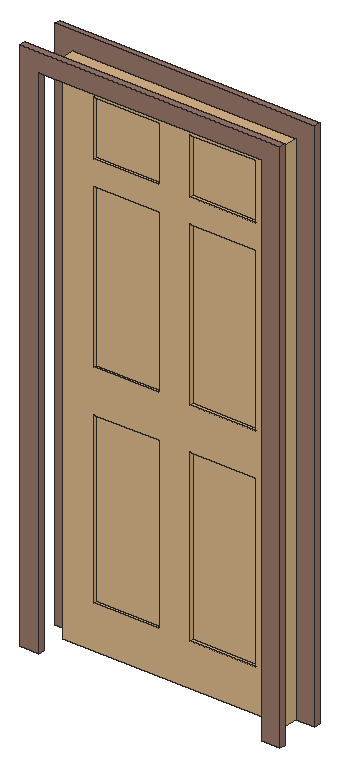
Revit family
Parameters (values of type "0915 x 2134mm")
  Thickness = 51.00 mm
  Door Material = Door - Panel
  Frame Material = Door - Frame
  Height = 2134.00 mm
  Rail Width - Base = 175.00 mm
  Rail Width - Center = 175.00 mm
  Rail Width - Top = 100.00 mm
  Stile Width = 125.00 mm
  Trim Projection Ext = 25.00 mm
  Trim Projection Int = 25.00 mm
  Trim Width = 76.00 mm
  Wall Closure = (empty or 0)
  Width = 915.00 mm
Types (7, lengths in mm): name | Height | Width
  0915 x 2134mm | 2134.00 | 915.00
  0864 x 2134mm | 2134.00 | 864.00
  0813 x 2134mm | 2134.00 | 813.00
  0762 x 2134mm | 2134.00 | 762.00
  0762 x 2032mm | 2032.00 | 762.00
  0915 x 2032mm | 2032.00 | 915.00
  0864 x 2032mm | 2032.00 | 864.00
Reference planes
  plane 1: y = 0
  plane 2: z = 0
  plane 3: x = 0
  plane 4: x = -457.5
  plane 5: x = 457.5
  plane 6: z = 2134
  plane 7: z = 2034
  plane 8: z = 1805.4
  plane 9: z = 1705.4
  plane 10: z = 1041.4
  plane 11: z = 866.4
  plane 12: z = 175
  plane 13: x = -332.5
  plane 14: x = 332.5
  plane 15: x = -62.5
  plane 16: x = 62.5
  plane 17: y = -76.2
Forms (mm)
  Extrusion 1, solid, material "Door - Panel" <- "Door Material"
    sketch origin (-1524, -76.2, 0) x (1, 0, 0) y (0, 0, 1)
      loop
        line (1066.5, 2134) -> (1066.5, 0) -> (1981.5, 0) -> (1981.5, 2134) -> (1066.5, 2134)
      loop
        line (1191.5, 2034) -> (1191.5, 1805.4) -> (1461.5, 1805.4) -> (1461.5, 2034) -> (1191.5, 2034)
      loop
        line (1586.5, 2034) -> (1586.5, 1805.4) -> (1856.5, 1805.4) -> (1856.5, 2034) -> (1586.5, 2034)
      loop
        line (1191.5, 1705.4) -> (1191.5, 1041.4) -> (1461.5, 1041.4) -> (1461.5, 1705.4) -> (1191.5, 1705.4)
      loop
        line (1586.5, 1705.4) -> (1586.5, 1041.4) -> (1856.5, 1041.4) -> (1856.5, 1705.4) -> (1586.5, 1705.4)
      loop
        line (1191.5, 866.4) -> (1191.5, 175) -> (1461.5, 175) -> (1461.5, 866.4) -> (1191.5, 866.4)
      loop
        line (1586.5, 866.4) -> (1586.5, 175) -> (1856.5, 175) -> (1856.5, 866.4) -> (1586.5, 866.4)
    from -152.4 to -101.4
  Extrusion 2, solid, material "Door - Panel" <- "Door Material"
    sketch origin (-1524, 25.2, 0) x (1, 0, 0) y (0, 0, 1)
      loop
        line (1191.5, 2034) -> (1191.5, 1805.4) -> (1461.5, 1805.4) -> (1461.5, 2034) -> (1191.5, 2034)
      loop
        line (1586.5, 2034) -> (1586.5, 1805.4) -> (1856.5, 1805.4) -> (1856.5, 2034) -> (1586.5, 2034)
      loop
        line (1191.5, 1705.4) -> (1191.5, 1041.4) -> (1461.5, 1041.4) -> (1461.5, 1705.4) -> (1191.5, 1705.4)
      loop
        line (1586.5, 1705.4) -> (1586.5, 1041.4) -> (1856.5, 1041.4) -> (1856.5, 1705.4) -> (1586.5, 1705.4)
      loop
        line (1191.5, 866.4) -> (1191.5, 175) -> (1461.5, 175) -> (1461.5, 866.4) -> (1191.5, 866.4)
      loop
        line (1586.5, 866.4) -> (1586.5, 175) -> (1856.5, 175) -> (1856.5, 866.4) -> (1586.5, 866.4)
    from -38.3 to -12.7
  Extrusion 3, solid, material "Door - Frame" <- "Frame Material"
    sketch origin (-1524, 76.2, 0) x (-1, 0, 0) y (0, 0, 1)
      loop
        line (-1981.5, 0) -> (-1981.5, 2134) -> (-1066.5, 2134) -> (-1066.5, 0) -> (-990.5, 0) -> (-990.5, 2210) -> (-2057.5, 2210) -> (-2057.5, 0) -> (-1981.5, 0)
    from 0.4 to 25.4
  Extrusion 4, solid, material "Door - Frame" <- "Frame Material"
    sketch origin (0, -76.2, 0) x (0, 0, -1) y (-1, 0, 0)
      loop
        line (0, 457.5) -> (0, 533.5) -> (-2210, 533.5) -> (-2210, -533.5) -> (0, -533.5) -> (0, -457.5) -> (-2134, -457.5) -> (-2134, 457.5) -> (0, 457.5)
    from 0 to -25
Lines and regions (mm)
  Opening 1
    outline origin (-1524, -76.2, 3657.6) x (0, 0, -1) y (1, 0, 0)
      loop
        line (1523.6, 1066.5) -> (3657.6, 1066.5) -> (3657.6, 1981.5) -> (1523.6, 1981.5) -> (1523.6, 1066.5)
  symbolic lines, style "DoorsPanelProjection"
    curve 1: line (457.5, 76.2, 0) -> (406.5, 76.2, 0)
    curve 2: line (457.5, 76.2, 0) -> (457.5, 991.273, 0)
    curve 3: line (457.5, 991.273, 0) -> (406.5, 991.273, 0)
    curve 4: line (406.5, 76.2, 0) -> (406.5, 991.273, 0)
  model lines, style "DoorsFrameMullionProjection"
    curve 5: line (-533.5, -76.2, 0) -> (-533.5, -76.2, 2210)
    curve 6: line (-533.5, -76.2, 2210) -> (533.5, -76.2, 2210)
    curve 7: line (533.5, -76.2, 2210) -> (533.5, -76.2, 0)
    curve 8: line (533.5, 76.2, 0) -> (533.5, 76.2, 2210)
    curve 9: line (-533.5, 76.2, 2210) -> (533.5, 76.2, 2210)
    curve 10: line (-533.5, 76.2, 2210) -> (-533.5, 76.2, 0)
  symbolic lines, style "Plan Swing"
    curve 11: arc (406.5, 991.273, 0) -> (-208.345, 705.969, 0) -> (-458.993, 76.2, 0) r 916.493
  symbolic lines, style "Elevation Swing"
    curve 12: line (-457.5, 0, 2134) -> (457.5, 0, 1067)
    curve 13: line (457.5, 0, 1067) -> (-457.5, 0, 0)
Dimensions and locks
  equal spacing: plane 4, plane 3, plane 5
  "Width": plane 4 to plane 5
  locked: host wall to curve 1
  control icon elem to plane 5 = 260.00 mm
  "Height": plane 6 to plane 2
  "Trim Width": plane 4 to curve 5
  "Trim Width": plane 5 to curve 7
  "Trim Width": plane 6 to curve 6
  locked: curve 9 to host wall
  "Rail Width - Base": plane 12 to host wall
  "Rail Width - Center": plane 10 to plane 11
  "Rail Width - Top": plane 8 to plane 9
  "Rail Width - Top": plane 6 to plane 7
  "Stile Width": plane 4 to plane 13
  "Stile Width": plane 14 to plane 5
  locked: plane 7 to plane 8 at 228.6
  "Thickness": Extrusion 1 to Extrusion 1
  "Trim Projection Ext": Extrusion 3 to Extrusion 3
  "Trim Projection Int": plane 17 to Extrusion 4
  equal spacing: plane 15, plane 3, plane 16
  "Stile Width": plane 15 to plane 16
  "Thickness": curve 4 to plane 5
  locked: Extrusion 1 to Extrusion 2 at 12.7
  locked: host wall to Extrusion 2 at 12.7
  equal spacing: plane 6, curve 13, level
  aligned and locked: plane 2 to curve 5
  aligned and locked: curve 7 to level
  aligned and locked: curve 8 to curve 7
  aligned and locked: plane 4 to Extrusion 1 sketch curve
  aligned and locked: plane 6 to Extrusion 1 sketch curve
  aligned and locked: Extrusion 1 sketch curve to curve 1
  aligned and locked: plane 5 to Extrusion 1 sketch curve
  aligned and locked: plane 13 to Extrusion 1 sketch curve  (x3)
  aligned and locked: plane 7 to Extrusion 1 sketch curve  (x2)
  aligned and locked: plane 8 to Extrusion 1 sketch curve  (x2)
  aligned and locked: plane 15 to Extrusion 1 sketch curve  (x3)
  aligned and locked: plane 16 to Extrusion 1 sketch curve  (x3)
  aligned and locked: plane 14 to Extrusion 1 sketch curve  (x3)
  aligned and locked: plane 9 to Extrusion 1 sketch curve  (x2)
  aligned and locked: plane 10 to Extrusion 1 sketch curve  (x2)
  aligned and locked: plane 11 to Extrusion 1 sketch curve  (x2)
  aligned and locked: plane 12 to Extrusion 1 sketch curve  (x2)
  aligned and locked: Extrusion 2 sketch curve to Extrusion 1  (x24)
  aligned and locked: host wall to Extrusion 1
  aligned and locked: plane 17 to host wall
  aligned and locked: curve 6 to Extrusion 4 sketch curve
  aligned and locked: Extrusion 4 sketch curve to curve 5
  aligned and locked: Extrusion 4 sketch curve to curve 7
  aligned and locked: Extrusion 3 sketch curve to curve 6
  aligned and locked: Extrusion 3 sketch curve to curve 7
  aligned and locked: Extrusion 3 sketch curve to curve 5
Automatic sketch dimensions
  Opening 1 sketch curve to plane 6 = 0.00 mm
  Opening 1 sketch curve to level = 0.00 mm
  Opening 1 sketch curve to plane 4 = 0.00 mm
  Opening 1 sketch curve to plane 5 = 0.00 mm
  Extrusion 3 sketch curve to level = 0.00 mm  (x2)
  Extrusion 3 sketch curve to plane 5 = 0.00 mm
  Extrusion 3 sketch curve to plane 4 = 0.00 mm
  Extrusion 3 sketch curve to plane 6 = 0.00 mm
  Extrusion 4 sketch curve to plane 4 = 0.00 mm
  Extrusion 4 sketch curve to plane 6 = 0.00 mm
  Extrusion 4 sketch curve to level = 0.00 mm  (x2)
  Extrusion 4 sketch curve to plane 5 = 0.00 mm
  curve 1 to plane 5 = 0.00 mm
  curve 11 to plane 5 = 0.00 mm
  plane 4 to curve 11 = 1.493 mm
  curve 11 to host wall = 0.00 mm
  curve 12 to plane 4 = 0.00 mm
  curve 12 to plane 6 = 0.00 mm
  curve 12 to plane 5 = 0.00 mm
  curve 10 to level = 0.00 mm
  curve 8 to level = 0.00 mm
  curve 13 to level = 0.00 mm
  curve 13 to plane 4 = 0.00 mm
  curve 9 to curve 5 = 0.00 mm
  curve 10 to curve 5 = 0.00 mm
